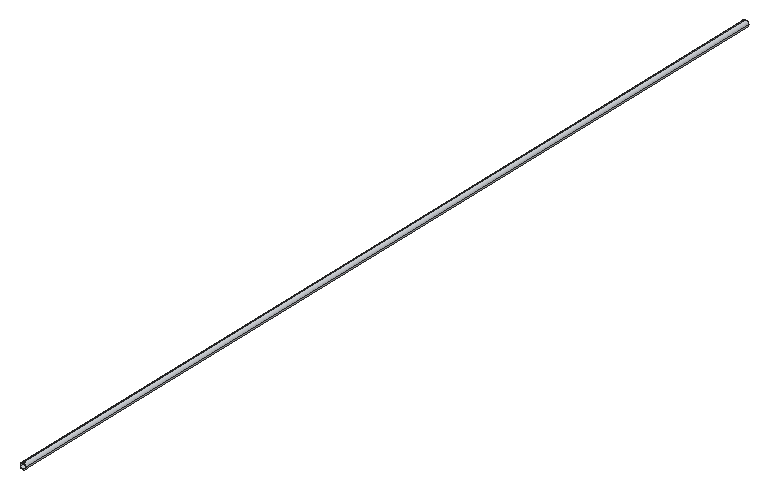
Revit family "BC25", category Generic Models, Revit 2017
Family settings
  Can host rebar = No
  Round Connector Dimension = Use Diameter
  Part Type = Normal
  Work Plane-Based = Yes
  Always vertical = No
  Cut with Voids When Loaded = No
  Shared = No
  Room Calculation Point = No
Parameters (values of type "NBS Standard Parameters")
  Weight = "3.08Kg"
  WarrantyStartDate [instance] = "1900-12-31T23:59:59"
  WarrantyGuarantorParts = "n/a"
  WarrantyGuarantorLabor = "n/a"
  WarrantyDurationUnit = "1 year"
  WarrantyDurationParts = "n/a"
  WarrantyDurationLabor = "n/a"
  WarrantyDescription = "n/a"
  Version = "1"
  Uniclass2 = "Pr_65_70_11_71"
  TagNumber [instance] = "n/a"
  SustainabilityPerformance = "n/a"
  Size = "25"
  Shape = "Circular"
  SerialNumber [instance] = "n/a"
  Revision = "n/a"
  ReplacementCost = "n/a"
  ProductInformation = "www.metpro.co.uk/pdf/bc25.pdf"
  NominalWidth = 25 mm
  NominalLength = 3750 mm
  NominalHeight = 25 mm
  Name = ""
  NBSTypeID = ""
  NBSReference = "90-55-10/380"
  NBSOfficeMasterTag = ""
  NBSNote = ""
  NBSDescription = "Rigid Conduit"
  NBSCertification = ""
  ModelReference = "BC25"
  ModelNumber = "n/a"
  Material = "Steel"
  ManufacturerURL = "www.metpro.co.uk"
  ManufacturerName = "Metpro Ltd"
  Keynote = "Conforms to BS EN61386-1"
  InstallationDate [instance] = "1900-12-31T23:59:59"
  IfcExportType = ""
  IfcExportAs = ""
  Grade = "n/a"
  Finish = "Black Finish"
  Features = "n/a"
  ExpectedLife = "n/a"
  DurationUnit = "year"
  Description = "GC25 - 25mm Conduit 3.75 mtr Length"
  Default Elevation = 1219.2 mm
  Constituents = "n/a"
  Color = "n/a"
  CodePerformance = "n/a"
  Category = "n/a"
  BarCode [instance] = "n/a"
  BIMObjectName = "Metpro_metprolibrary_rigidconduit_metal_class4"
  Author = "Metpro Limited"
  AssetType = ""
  AssetIdentifier [instance] = "n/a"
  AccessibilityPerformance = "n/a"
Reference planes
  plane 1 "Center (Front/Back)": y = 0
  plane 2: z = 0
  plane 3 "Center (Left/Right)": x = 0
Forms (mm)
  Extrusion 1, solid
    sketch origin (45.995, 1877.942, 144.652) x (-1, 0, 0) y (0, 0, -1)
      loop
        circle (33.495, -15) r 12.5
      loop
        circle (33.495, -15) r 11
    from 0 to 3750
Dimensions and locks
  aligned and locked: level to plane 2
